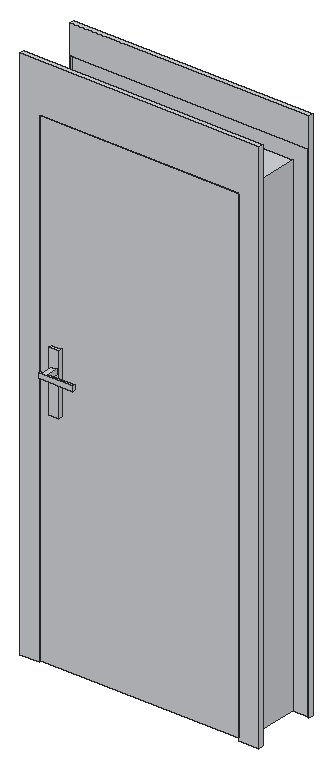
Revit family "Porta_LEVEL_A0", category Drzwi, Revit 2016
Family settings
  Obiekt nadrzędny = Ściana
  Zawsze pionowo = Tak
  Tnij formami wycięć po wczytaniu = Nie
  Współdzielony = Nie
  Punkt obliczania pomieszczeń = Nie
Parameters (values of type "PN 80")
  Wysokość brutto = 2055 mm
  URL = "www.porta.com.pl"
  Szerokość brutto = 880 mm
  Ss = 818 mm
  Producent = "PORTA KMI POLAND"
  Keynote = ""
  Description = ""
  Wysokość = 2016 mm
  Zakończenie ściany = Wg obiektu nadrzędnego
  Szerokość = 802 mm
  Model = "Porta LEVEL"
  Materiał_skrzydło [instance] = none
  Materiał_ościeżnica [instance] = none
  Materiał_klamka [instance] = none
  Konstrukcja analityczna = "<Brak>"
  Informacja = "Własność Porta KMI Poland, wszelkie prawa zastrzeżone."  # constant formula
  Hs = 2017 mm
  Funkcja = Wewnętrzna
Reference planes
  plane 1: y = 0
  plane 2 "Środek (Lewa/Prawa)": x = 0
  plane 3 "Lewy": x = -440
  plane 4 "Prawy": x = 440
  plane 5: z = 2055
  plane 6 "Zewnętrzna": y = 120
  plane 7 "Wewnętrzna": y = -120
  plane 8: x = -401
  plane 9: y = -138.9
  plane 10: x = -494.4
  plane 11: x = 494.4
Forms (mm)
  Sweep 1, solid, material <- "Materiał_ościeżnica"
    path in 3D
      loop
        line (-440, -120, 0) -> (-440, -120, 2055) -> (440, -120, 2055) -> (440, -120, 0)
    profile origin (-440, -120, 1027.5) x (0, -1, 0) y (1, 0, 0)
      loop
        line (-240, -54.4) -> (-240, -49.7) -> (-243.2, -49.7) -> (-243.2, 16.3) -> (3.2, 16.3) -> (3.2, -49.7) -> (0, -49.7) -> (0, -54.4) -> (18.9, -54.4) -> (18.9, 27) -> (-26.7, 27) -> (-26.7, 39) -> (-243.2, 39) -> (-243.2, 27) -> (-258.9, 27) -> (-258.9, -54.4) -> (-240, -54.4)
  Extrusion 2, solid, material <- "Materiał_ościeżnica"
    sketch origin (-359, -94.5, 2024.974) x (0, 0, -1) y (0, -1, 0)
      loop
        line (-203.026, -233.4) -> (-84.426, -233.4) -> (-84.426, -214.5) -> (-203.026, -214.5) -> (-203.026, -233.4)
    from -853.4 to 135.4
  Extrusion 3, solid, material <- "Materiał_ościeżnica"
    sketch origin (-359, -94.5, 2024.974) x (0, 0, -1) y (0, -1, 0)
      loop
        line (-203.026, 44.4) -> (-203.026, 25.5) -> (-84.426, 25.5) -> (-84.426, 44.4) -> (-203.026, 44.4)
    from -853.4 to 135.4
Cuts and joins
  joined: Sweep 1, Extrusion 2, Extrusion 3
Lines and regions (mm)
  Opening 1
    outline origin (-3050, -120, 0) x (1, 0, 0) y (0, 0, 1)
      loop
        line (2610, 0) -> (3490, 0) -> (3490, 2055) -> (2610, 2055) -> (2610, 0)
  sketch lines
    curve 1: line (-440, -120, 0) -> (-440, -120, 2055)
    curve 2: line (-440, -120, 2055) -> (440, -120, 2055)
    curve 3: line (440, -120, 2055) -> (440, -120, 0)
  symbolic lines, style "DoorsPanelProjection"
    curve 4: line (409, -120, 0) -> (409, -938, 0)
    curve 5: line (409, -938, 0) -> (369, -938, 0)
    curve 6: line (369, -938, 0) -> (369, -120, 0)
    curve 7: line (369, -120, 0) -> (409, -120, 0)
  symbolic lines, style "Ugięcie rzutu"
    curve 8: arc (-409, -120, 0) -> (-169.413, -698.413, 0) -> (409, -938, 0) r 818
Text (mm)
  text "Zewnętrzna" at (-2295.016, 1099.543, 0), in view "Poziom odniesienia"
  text "Zewnętrzna" at (0, 1615.38, 3698.081), in view "Lewy"
  text "Zewnętrzna" at (0, 1036.032, 3874.932), in view "Prawy"
Dimensions and locks
  equal spacing: plane 3 "Lewy", plane 2 "Środek (Lewa/Prawa)", plane 4 "Prawy"
  "Szerokość brutto": plane 3 "Lewy" to plane 4 "Prawy"
  "Wysokość brutto": plane 5 to host wall
  host wall to plane 5 = 2055 mm  (x2)
  locked: plane 6 "Zewnętrzna" to host wall at 0
  locked: plane 7 "Wewnętrzna" to host wall
  locked: curve 6 to curve 4 at 40
  "Ss": curve 5 to curve 7
  equal spacing: curve 8, plane 2 "Środek (Lewa/Prawa)", curve 4
  equal spacing: nested 1, plane 2 "Środek (Lewa/Prawa)", nested 1
  locked: nested 1 to level at 8
  locked: plane 3 "Lewy" to plane 8 at 39
  locked: plane 6 "Zewnętrzna" to Sweep 1 sketch curve at 18.9
  locked: profile plane to Sweep 1 sketch curve at 27
  locked: Sweep 1 sketch curve to plane 8 at 22.7
  locked: Sweep 1 sketch curve to profile plane at 26.7
  locked: profile plane to Sweep 1 sketch curve at 18.9
  locked: Sweep 1 sketch curve to profile plane at 54.4  (x2)
  locked: plane 9 to host wall at 18.9
  locked: plane 10 to plane 3 "Lewy" at 54.4
  locked: plane 4 "Prawy" to plane 11 at 54.4
  aligned and locked: plane 3 "Lewy" to Opening 1 sketch curve
  aligned and locked: plane 5 to Opening 1 sketch curve  (x2)
  aligned and locked: Opening 1 sketch curve to plane 4 "Prawy"
  aligned and locked: Opening 1 sketch curve to level
  aligned and locked: plane 1 to host wall
  aligned and locked: plane 7 "Wewnętrzna" to curve 7
  aligned and locked: Sweep 1 sketch curve to plane 6 "Zewnętrzna"
  aligned and locked: Sweep 1 sketch curve to profile plane
  aligned and locked: Sweep 1 sketch curve to plane 8
  aligned and locked: nested 1 to plane 9
  aligned and locked: Extrusion 2 sketch curve to Sweep 1  (x2)
  aligned and locked: host wall to Extrusion 2 sketch curve
  aligned and locked: Extrusion 3 sketch curve to plane 9
  aligned and locked: host wall to Extrusion 3 sketch curve
  aligned and locked: Extrusion 3 sketch curve to Sweep 1
  aligned and locked: Extrusion 3 sketch curve to Extrusion 2
  aligned and locked: plane 11 to Extrusion 3
  aligned and locked: plane 10 to Extrusion 3
  aligned and locked: plane 11 to Extrusion 2
  aligned and locked: plane 10 to Extrusion 2
Automatic sketch dimensions
  curve 8 to host wall = 0 mm
  Sweep 1 sketch curve to Sweep 1 sketch curve = 0 mm
  Sweep 1 sketch curve to Sweep 1 sketch curve = 3.2 mm
  Sweep 1 sketch curve to Sweep 1 sketch curve = 15.7 mm
  Sweep 1 sketch curve to Sweep 1 sketch curve = 4.7 mm  (x2)
  Sweep 1 sketch curve to Sweep 1 sketch curve = 10.7 mm
  Extrusion 2 sketch curve to plane 5 = 173 mm
Nested families
  nested 1: "skrzydło" at (0, -105.4, 0), Materiał_klamka <- "Materiał_klamka", type "skrzydło"
    with Materiał_klamka none
Definition of nested family "skrzydło"
  Parameters
    Ss = 818 mm
    Materiał_skrzydło [instance] = none
    Materiał_klamka [instance] = none
    Assembly Code = ""
    Hs = 2017 mm
  Reference planes
    plane 1 "Tył": y = 6.5
    plane 2: z = 0
    plane 3 "Środek (Lewa/Prawa)": x = 0
    plane 4 "Lewa": x = -409
    plane 5 "Prawa": x = 409
    plane 6 "Przód": y = -33.5
    plane 7: z = 2025
    plane 8 "Centrum": y = -13.5
    plane 9: z = 8
  Forms (mm)
    Extrusion 1, solid, material <- "Materiał_skrzydło"
      sketch origin (0, -33.5, 0) x (-1, 0, 0) y (0, 0, 1)
        loop
          line (409, 2025) -> (-409, 2025) -> (-409, 8) -> (409, 8) -> (409, 2025)
      from 0 to 40
  Dimensions and locks
    equal spacing: plane 4 "Lewa", plane 3 "Środek (Lewa/Prawa)", plane 5 "Prawa"
    "Ss": plane 4 "Lewa" to plane 5 "Prawa"
    locked: plane 9 to level at 8
    "Hs": plane 7 to plane 9
    locked: nested 1 to plane 9 at 934
    locked: plane 9 to nested 3 at 934
    equal spacing: plane 6 "Przód", plane 8 "Centrum", plane 1 "Tył"
    aligned and locked: Extrusion 1 sketch curve to plane 9
    aligned and locked: Extrusion 1 sketch curve to plane 7
    aligned and locked: nested 1 to plane 6 "Przód"
    aligned and locked: Extrusion 1 sketch curve to plane 5 "Prawa"
    aligned and locked: Extrusion 1 sketch curve to plane 4 "Lewa"
    aligned and locked: plane 3 "Środek (Lewa/Prawa)" to nested 2
  Nested families
    nested 1: "KLAMKA" at (-341, -33.5, 1067), Materiał klamki <- "Materiał_klamka", type "KLAMKA"
      with Materiał klamki none
    nested 2: "logo_porta" at (0, 6.5, 110) x (1, 0, 0) z (0, -1, 0), type "logo_porta"
    nested 3: "KLAMKA" at (-341, 6.5, 1067), Materiał klamki <- "Materiał_klamka", type "KLAMKA"
      with Materiał klamki none
  Definition of nested family "KLAMKA"
    Parameters
      Materiał klamki [instance] = none
      Assembly Code = ""
      Default Elevation = 1219.2 mm
    Reference planes
      plane 1 "Center (Front/Back)": y = 0
      plane 2: z = 0
      plane 3 "Center (Left/Right)": x = 0
      plane 4: z = 125
      plane 5: z = -125
      plane 6: x = 20
      plane 7: x = -20
      plane 8: y = -70
      plane 9: y = -60
      plane 10: x = 10
      plane 11: x = -10
      plane 12: x = 120
      plane 13: z = 35
      plane 14: z = 55
      plane 15: y = -15
    Forms (mm)
      Extrusion 1, solid, material <- "Materiał klamki"
        sketch origin (0, 0, 0) x (1, 0, 0) y (0, 0, 1)
          loop
            line (-20, 125) -> (-20, -125) -> (20, -125) -> (20, 125) -> (-20, 125)
        from 0 to 15
      Extrusion 2, solid, material <- "Materiał klamki"
        sketch origin (0, 0, 0) x (1, 0, 0) y (0, 1, 0)
          loop
            line (-10, -15) -> (-10, -60) -> (-20, -60) -> (-20, -70) -> (120, -70) -> (120, -60) -> (10, -60) -> (10, -15) -> (-10, -15)
        from 35 to 55
    Dimensions and locks
      equal spacing: plane 4, plane 2, plane 5
      plane 4 to plane 5 = 250 mm
      equal spacing: plane 7, plane 3 "Center (Left/Right)", plane 6
      plane 7 to plane 6 = 40 mm
      plane 8 to plane 1 "Center (Front/Back)" = 70 mm
      plane 11 to plane 3 "Center (Left/Right)" to plane 10 = 10 mm locked, 10 mm locked
      plane 7 to plane 12 = 140 mm
      plane 15 to plane 1 "Center (Front/Back)" = 15 mm
      aligned and locked: plane 7 to Extrusion 1 sketch curve
      aligned and locked: Extrusion 1 sketch curve to plane 4
      aligned and locked: plane 5 to Extrusion 1 sketch curve
      aligned and locked: Extrusion 1 sketch curve to plane 6
      aligned and locked: plane 15 to Extrusion 1
      aligned and locked: Extrusion 1 to plane 1 "Center (Front/Back)"
      aligned and locked: plane 14 to Extrusion 2
      aligned and locked: Extrusion 2 to plane 13
    Automatic sketch dimensions
      Extrusion 2 sketch curve to plane 7 = 0 mm
      Extrusion 2 sketch curve to plane 9 = 0 mm  (x2)
      Extrusion 2 sketch curve to plane 11 = 0 mm
      Extrusion 2 sketch curve to plane 10 = 0 mm
      Extrusion 2 sketch curve to plane 12 = 0 mm
      Extrusion 2 sketch curve to plane 8 = 0 mm
      Extrusion 2 sketch curve to plane 15 = 0 mm
  Definition of nested family "logo_porta"
    Reference planes
      plane 1 "Środek (Przód/Tył)": y = 0
      plane 2: z = 0
      plane 3 "Środek (Lewa/Prawa)": x = 0
